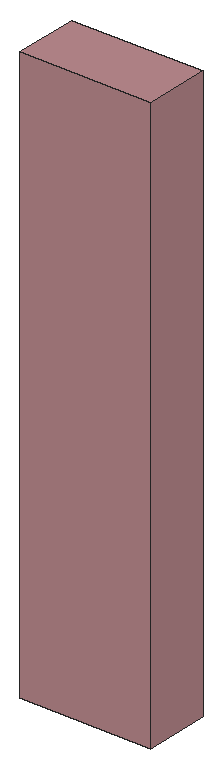
Revit family
Parameters
  Material Pier = Masonry Brick
  Keynote = "F10"
  Depth [instance] = 450 mm
  Width [instance] = 900 mm
Reference planes
  plane 1 "Center (Front/Back)": y = 0
  plane 2: z = 0
  plane 3 "Center (Left/Right)": x = 0
  plane 4 "Left": x = -450
  plane 5 "Right": x = 450
  plane 6 "Back": y = 225
  plane 7 "Front": y = -225
Forms (mm)
  Extrusion 1, solid, material "Masonry Brick" <- "Material Pier"
    sketch origin (0, 0, 0) x (1, 0, 0) y (0, 1, 0)
      loop
        line (-450, -225) -> (450, -225) -> (450, 225) -> (-450, 225) -> (-450, -225)
    from 0 to 4000
Dimensions and locks
  equal spacing: plane 4 "Left", plane 3 "Center (Left/Right)", plane 5 "Right"
  equal spacing: plane 7 "Front", plane 1 "Center (Front/Back)", plane 6 "Back"
  "Width": plane 4 "Left" to plane 5 "Right"
  "Depth": plane 7 "Front" to plane 6 "Back"
  aligned and locked: level to Extrusion 1
  aligned and locked: Extrusion 1 to level
Automatic sketch dimensions
  Extrusion 1 sketch curve to plane 4 "Left" = 0 mm
  Extrusion 1 sketch curve to plane 5 "Right" = 0 mm
  Extrusion 1 sketch curve to plane 7 "Front" = 0 mm
  Extrusion 1 sketch curve to plane 6 "Back" = 0 mm
